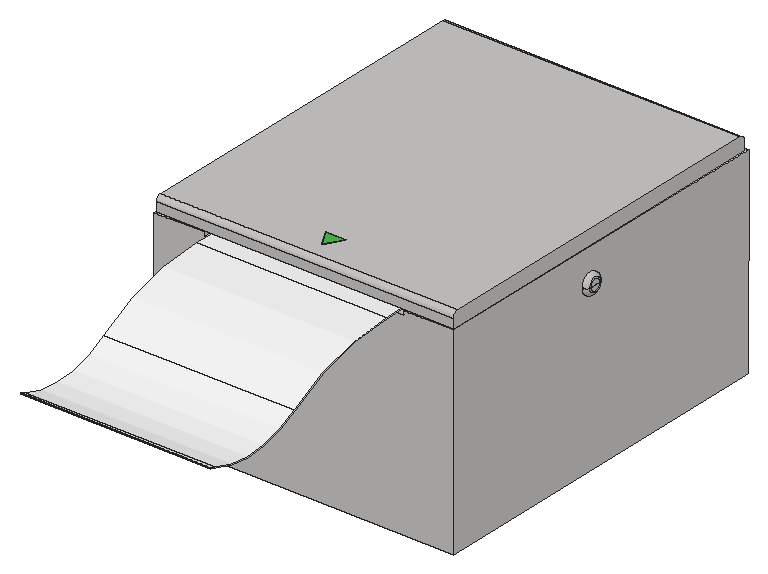
Revit family "Paper_Towel_Dispenser-Surface_Mounted-Bobrick-ClassicSeries-B-2974.rfaxxx", category Specialty Equipment, host Face, Revit 2019
Family settings
  Host = Face
  Round Connector Dimension = Use Diameter
  Part Type = Normal
  OmniClass Number = 23.40.20.21.17
  OmniClass Title = Paper Towel Dispensers, Disposal Units
  Cut with Voids When Loaded = Yes
  Shared = Yes
  Room Calculation Point = No
Parameters (values of type "B-2974")
  Width = 12 5/8"
  URL = "http://www.bobrick.com/"
  Revised Date = "01/11/2023"
  Product Page URL = "https://www.bobrick.com/products/washroom-accessories/washroom-accessories-catalog/product/b-2974/"
  Operation = "Electronic Sensor"
  Mounting Height Constraint = if([ADA/ICC], 63 1/2", Mounting Height)  # 63 1/2"
  Mounting Height = 60"
  Model = "B-2974"
  Material = "Stainless Steel-Bobrick-Satin"
  Manufacturer = "Bobrick"
  Installation Type = "Wall Mounted"
  Height = 15 1/2"
  Door Material = Stainless Steel-Bobrick-Satin
  Description = "Automatic, Universal Surface-Mounted Roll Towel Dispenser Equipped with LED Light"
  Default Elevation = 0"
  Creation Date = "28/08/2013"
  Cabinet Material = Stainless Steel-Bobrick-Satin
  CBC = no
  Battery Operated = not([3974-57 AC External Adapter (6V)])  # yes
  Assembly Code = "C1030200"
  ADA Compliant = [ADA/ICC]  # yes
  ADA/ICC = yes
  3974-57 AC External Adapter (6V) = no
  3961-50 (Mechanical) Universal Roll Towel Dispenser Module = no
  3944-152 Folded Towel Dispenser Module = no
Reference planes (in)
  plane 1 "Center (Front/Back)": y = 0
  plane 2: z = 0
  plane 3 "Center (Left/Right)": x = 0
  plane 4: x = -6.3125
  plane 5: x = 6.3125
  plane 6: z = 9.0625
  plane 7: y = -15.5
  plane 8 "Finished Floor": y = -63.5
Forms (in)
  Extrusion 1, solid, material "Stainless Steel-Bobrick-Satin" <- "Cabinet Material"
    sketch origin (0, -26.99976, 3.9375) x (0, 1, 0) y (0, 0, 1)
      loop
        line (26.99976, -3.9375) -> (26.99976, 4.525) -> (11.49976, 4.525) -> (11.49976, -3.9375) -> (26.99976, -3.9375)
    from -6.3125 to 6.3125
  Extrusion 2, solid, material "Stainless Steel-Bobrick-Satin" <- "Door Material"
    sketch origin (0, -27.02873, 4.18456) x (0, 1, 0) y (0, 0, 1)
      loop
        line (26.88803, 4.27794) -> (26.88803, 4.64923)
        arc (26.88803, 4.64923) -> (26.82104, 4.81095) -> (26.65932, 4.87794) r 0.22871
        line (26.65932, 4.87794) -> (11.82471, 4.87794)
        arc (11.82471, 4.87794) -> (11.66299, 4.81095) -> (11.596, 4.64923) r 0.22871
        line (11.596, 4.64923) -> (11.596, 4.27794) -> (26.88803, 4.27794)
    from -6.25 to 6.25
  Revolve 3, solid, material "Stainless Steel-Bobrick-Satin"
    sketch origin (-1.15676, -26.99976, 7.09999) x (0, -1, 0) y (1, 0, 0)
      loop
        arc (-18.94355, 7.70094) -> (-19.0499, 7.60531) -> (-19.09401, 7.46926) r 0.2756
        line (-19.09401, 7.46926) -> (-18.65586, 7.46926) -> (-18.65586, 7.70094) -> (-18.87461, 7.70094) -> (-18.87461, 7.62259) -> (-18.90586, 7.62259) -> (-18.90586, 7.70094) -> (-18.94355, 7.70094)
      axis (-18.65586, 7.70094) -> (-18.65586, 7.46926)
    angle from 0 to 360
  Extrusion 4, void
    sketch origin (0, -25.31226, 7.33691) x (0, -1, 0) y (1, 0, 0)
      loop
        line (-10.75, 0) -> (-11.50227, 0.43432) -> (-11.50227, -0.43432) -> (-10.75, 0)
    from 1.59313 to 1.82836
  Extrusion 5, solid
    sketch origin (0, -25.81226, 7.33691) x (0, -1, 0) y (1, 0, 0)
      loop
        line (-12.00227, 0.43432) -> (-12.00227, -0.43432) -> (-11.25, 0) -> (-12.00227, 0.43432)
    from 1.28298 to 1.72559
  Extrusion 6, void
    sketch origin (0, -26.99976, 11.21484) x (0, -1, 0) y (1, 0, 0)
      loop
        line (-17.50227, -4.1746) -> (-8.86856, -4.1746) -> (-8.86856, 4.22426) -> (-17.50227, 4.22426) -> (-17.50227, -4.1746)
    from -2.90585 to -2.75234
  Sweep 7, solid, material "Paper-Bobrick-White"
    path origin (0, -27.42163, 6.51563) x (0, 1, 0) y (0, 0, 1)
      loop
        line (2.01396, 0.26562) -> (2.28618, 0.15486)
        arc (2.28618, 0.15486) -> (4.40686, -0.17121) -> (6.44677, 0.49387) r 4.62937
        arc (6.44677, 0.49387) -> (8.76649, 1.50699) -> (11.27398, 1.85334) r 9.25
        line (11.27398, 1.85334) -> (12.18977, 1.85334)
    profile origin (0, -15.68976, 8.36896) x (0, 0, 1) y (1, 0, 0)
      loop
        line (0, -4) -> (0.03125, -4) -> (0.03125, 4) -> (0, 4) -> (0, -4)
  Extrusion 8, void
    sketch origin (0, 0, 0) x (0, 1, 0) y (0, 0, 1)
      loop
        line (-8.49726, 7.06151) -> (-8.23597, 7.06151) -> (-8.23597, 7.1073) -> (-8.49726, 7.1073) -> (-8.49726, 7.06151)
    from 5.93157 to 7.82543
Cuts and joins
  Extrusion 4 cuts Extrusion 2
  Extrusion 4, Extrusion 6, Extrusion 8 cuts Extrusion 1
  Extrusion 8 cuts Revolve 3
Lines and regions (in)
  Masking region 1
    outline origin (0, 0, 3.9375) x (1, 0, 0) y (0, 0, 1)
      loop
        line (6.3125, -3.9375) -> (6.3125, 2.72043)
        arc (6.3125, 2.72043) -> (6.44795, 2.76546) -> (6.54418, 2.87089) r 0.28294
        line (6.54418, 2.87089) -> (6.54418, 3.45409)
        arc (6.54418, 3.45409) -> (6.44795, 3.55951) -> (6.3125, 3.60454) r 0.28294
        line (6.3125, 3.60454) -> (6.3125, 4.525) -> (6.25, 4.525) -> (6.25, 5.125) -> (-6.25, 5.125) -> (-6.25, 4.525) -> (-6.3125, 4.525) -> (-6.3125, -3.9375) -> (6.3125, -3.9375)
  symbolic lines, detail levels medium+fine
    curve 1: line (6.21875, 0, 8.4625) -> (-6.21875, 0, 8.4625)
    curve 2: line (6.3125, 0, 7.54204) -> (6.3125, 0, 6.65793)
Dimensions and locks (in)
  "Width": plane 4 to plane 5
  equal spacing: plane 4, plane 3 "Center (Left/Right)", plane 5
  locked: plane 6 to level at 9.0625
  "Height": plane 7 to plane 1 "Center (Front/Back)"
  "Mounting Height Constraint": plane 8 "Finished Floor" to plane 1 "Center (Front/Back)"
  aligned and locked: host face to plane 2
  aligned and locked: host face to level
Automatic sketch dimensions
  host sketch curve to host sketch curve = 133.12179"
  host sketch curve to host sketch curve = 93.6293"
  Revolve 3 sketch curve to plane 5 = 0"
  Revolve 3 sketch curve to Revolve 3 sketch curve = 0.15046"
  Revolve 3 sketch curve to Revolve 3 sketch curve = 0.03769"
  Revolve 3 sketch curve to Revolve 3 sketch curve = 1/32"
  plane 5 to Revolve 3 sketch curve = 0.01405"
  Revolve 3 sketch curve to Revolve 3 sketch curve = 0.05584"
  Revolve 3 sketch curve to Revolve 3 sketch curve = 0.16291"
  Revolve 3 sketch curve to Revolve 3 sketch curve = 0.07835"
  Revolve 3 sketch curve to Revolve 3 sketch curve = 0.23168"
  Revolve 3 sketch curve to Revolve 3 sketch curve = 0"
  Revolve 3 sketch curve to Revolve 3 sketch curve = 0.0885"
  Revolve 3 sketch curve to Revolve 3 sketch curve = 0.09463"
  Extrusion 4 sketch curve to plane 3 "Center (Left/Right)" = 0"
  Extrusion 4 sketch curve to plane 3 "Center (Left/Right)" = 0.43432"
  Extrusion 4 sketch curve to Extrusion 4 sketch curve = 0.75227"
  plane 3 "Center (Left/Right)" to Extrusion 4 sketch curve = 0.43432"
  Extrusion 5 sketch curve to plane 3 "Center (Left/Right)" = 0"
  plane 3 "Center (Left/Right)" to Extrusion 5 sketch curve = 0.43432"
  Extrusion 5 sketch curve to Extrusion 5 sketch curve = 0.75227"
  Extrusion 5 sketch curve to plane 3 "Center (Left/Right)" = 0.43432"
  plane 1 "Center (Front/Back)" to Extrusion 4 sketch curve = 13.80998"
  plane 1 "Center (Front/Back)" to Extrusion 5 sketch curve = 13.80998"
  level to Extrusion 1 sketch curve = 0"
  Extrusion 2 sketch curve to Extrusion 2 sketch curve = 0.22871"  (x2)
  Extrusion 2 sketch curve to Extrusion 2 sketch curve = 0.37129"
  plane 1 "Center (Front/Back)" to Extrusion 1 sketch curve = 15 1/2"
  plane 1 "Center (Front/Back)" to Extrusion 2 sketch curve = 15.20402"
  Extrusion 6 sketch curve to Extrusion 6 sketch curve = 8.63372"
  plane 5 to Extrusion 6 sketch curve = 2.08824"
  Sweep 7 sketch curve to profile plane = 0"
  plane 3 "Center (Left/Right)" to Sweep 7 sketch curve = 4"
  Sweep 7 sketch curve to profile plane = 1/32"
  Sweep 7 sketch curve to plane 3 "Center (Left/Right)" = 4"
  plane 4 to Extrusion 6 sketch curve = 2.1379"
  Extrusion 1 sketch curve to plane 6 = 0.6"
  Extrusion 2 sketch curve to plane 6 = 0"
  Extrusion 1 sketch curve to plane 1 "Center (Front/Back)" = 0"
  plane 1 "Center (Front/Back)" to Extrusion 2 sketch curve = 0.36942"
  plane 1 "Center (Front/Back)" to Revolve 3 sketch curve = 7.90575"
  plane 1 "Center (Front/Back)" to Extrusion 6 sketch curve = 9.49748"
  Extrusion 8 sketch curve to plane 6 = 1.9552"
  Extrusion 8 sketch curve to Extrusion 8 sketch curve = 0.26129"
  Extrusion 8 sketch curve to Extrusion 8 sketch curve = 0.04579"  (x3)
  plane 5 to curve 2 = 0"
  plane 5 to curve 1 = 3/32"
  plane 4 to curve 1 = 3/32"
  curve 1 to plane 6 = 0.6"
  curve 2 to curve 1 = 0.92046"
  curve 2 to curve 2 = 0.88411"
  plane 1 "Center (Front/Back)" to Extrusion 8 sketch curve = 8.49726"
  plane 6 to Sweep 7 sketch curve = 1.89599"
  Sweep 7 sketch curve to plane 7 = 0.64765"
  Sweep 7 sketch curve to plane 6 = 0.69354"
  Sweep 7 sketch curve to level = 0.88104"
  Sweep 7 sketch curve to plane 6 = 2.39202"
  Sweep 7 sketch curve to Sweep 7 sketch curve = 4.16059"
  Sweep 7 sketch curve to plane 6 = 2 9/32"
  Sweep 7 sketch curve to Sweep 7 sketch curve = 0.27222"
  Sweep 7 sketch curve to Sweep 7 sketch curve = 0"
  plane 7 to Sweep 7 sketch curve = 0.26814"
  Masking region 1 sketch curve to plane 4 = 0"
  Masking region 1 sketch curve to plane 6 = 0"
  plane 5 to Masking region 1 sketch curve = 0"  (x2)
  Masking region 1 sketch curve to level = 0"
  Masking region 1 sketch curve to Masking region 1 sketch curve = 1/16"
  plane 5 to Masking region 1 sketch curve = 1/16"
  plane 5 to Masking region 1 sketch curve = 0.01865"  (x2)
  Masking region 1 sketch curve to plane 5 = 0.23168"
  Masking region 1 sketch curve to plane 6 = 2.40457"
  Masking region 1 sketch curve to Masking region 1 sketch curve = 0.15046"
  Masking region 1 sketch curve to Masking region 1 sketch curve = 0.31947"
  Masking region 1 sketch curve to Masking region 1 sketch curve = 0.13187"
  Masking region 1 sketch curve to Masking region 1 sketch curve = 0.6"  (x2)
